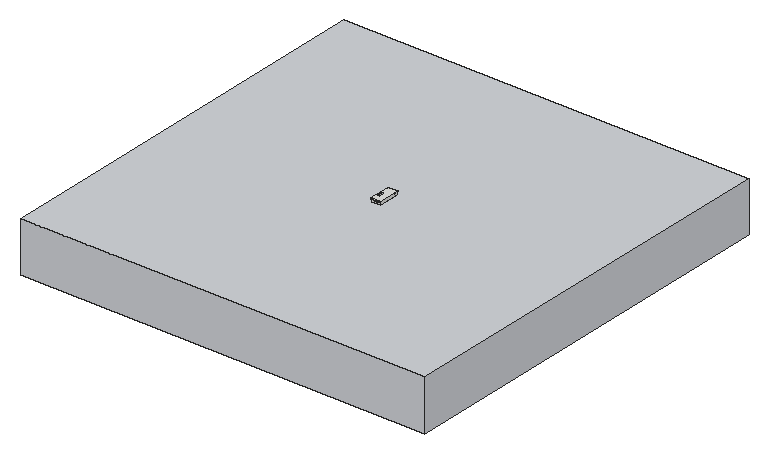
Revit family "GIRA_1239600", category Elektroinstallationen, Revit 2017
Family settings
  Basisbauteil = Fläche
  Beschriftungsausrichtung beibehalten = Ja
  Bemaßung runder Anschluss = Durchmesser verwenden
  Teiletyp = Normal
  Beim Laden mit Abzugskörper schneiden = Nein
  Gemeinsam genutzt = Nein
  Raumberechnungspunkt = Nein
Parameters
  Zusatzgerät anreihbar = no
  Default Elevation = 1219.2 mm
  Verbindung mit Smartphone möglich = no
  URL = "https://www.gira.de/"
  Typname = "Wohnungsstation Video AP Plus System 55 Edelstahl(lack.)"
  Schaltfunktionen = yes
  Rufunterscheidung = yes
  Rufabschaltung = yes
  Mit Türöffnerautomatik = yes
  Mit Touchscreen = no
  Lautstärkeregelung = yes
  Ist Zubehör = no
  Ist System = no
  Internkommunikation = yes
  Hörgerätekompatibel = no
  Hersteller = "Gira"
  HAN = "1239600"
  GTIN = "4010337035992"
  Funktions-Lampen = yes
  Bildsystem = "PAL"
  Beschreibung = "Wohnungsstation Video AP Plus System 55 Edelstahl (lackiert) Merkmale: - Bei Verwendung je einer Spannungsversorgung für Türkommunikation können bis zu 28 Wohnungsstationen Video AP parallel genutzt werden. - Die Wohnungsstation Video AP Plus erkennt automatisch, ob eine Spannungsversorgung für Türkommunikation angeschlossen ist. Eine Brücke zwischen ZV und BUS ist nicht notwendig. - Farbdisplay mit LED-Hintergrundbeleuchtung. - OSD Funktion, d. h. Texteinblendung im Display zur Statusanzeige und Menüführung. - Kapazitive Bedientasten mit integrierten Leuchtdioden zur Zustandsanzeige: Die Tasten werden durch leichte Berührung bedient. - Zuschaltbare Türöffnerautomatik: bei eingeschalteter Funktion wird der Türöffner nach Betätigung der Türstationsruftaste automatisch angesteuert. - Automatische Rufannahme: direktes Hineinsprechen oder -hören in einen Raum nach Internruf. - Gebührenfreier hausinterner Sprechverkehr mit bis zu zehn weiteren Wohnungsstationen. Die Bedientasten der Wohnungsstation Video AP Plus steuern die folgenden Funktionen:: - Manuelles Ein- und Ausschalten des TFT-Farbdisplays. - Kameraumschaltung - gezielte Anwahl der angeschlossenen Farbkameras. Im Display erfolgt die Textanzeige, welche Kamera aktuell angesteuert wird. - Schalten von Licht und anderen Funktionen in Verbindung mit dem Schaltaktor oder dem Unterputz-Schaltaktor. - Ansteuerung des Türöffners. - Rufton ein- und ausschalten. - Rufannahme. - Aktivierung der Durchsetzfunktion. - Einstellung von Rufton- und Sprechlautstärke. Funktionen im Endkundenmenü: - Internruf, Schalthandlung, Ruftonmelodie, Helligkeit, Farbsättigung, Kontrast, Einschaltzeit des Displays, Sprache (21 Sprachen wählbar), Tastentöne, Türöffnerautomatik (nach Installateurfreigabe), automatische Rufannahme (nach Installateurfreigabe). Zusätzliche Funktionen im Installateurmenü:: - Einstellung Haupt- Nebendisplay, Frequenzeinstellung, Terminierung der Leitung, Versionsanzeige, Werkseinstellung, Display ein- bzw. ausschalten, LED-Beleuchtung ein- bzw. ausschalten, Ruftastenzuordnung, Internruf zuordnen, Freigaben für Türöffnerautomatik und automatische Rufannahme. - Karten-Slot für SD-Speicherkarte. - SD-Speicherkarte. Neue zusätzliche Funktionen im Endkundenmenü:: - Interner Bildspeicher (nach Installateurfreigabe) für bis zu 48 Bilder. Manueller Übertrag interner zu externner Bildspeicher (SD-Speicherkarte). Bildspeicher manuell löschen. Manuellen Schnappschuss auslösen. Schalthandlungen und Internrufe umbenennen. Datum Uhrzeit ändern. Neue zusätzliche Funktionen im Installateurmenü:: - Freigabe des internen Bildspeichers. Einstellen des Bildintervals und der Aufnahmegeschwindigkeit. Datum Uhrzeit einstellen. Eigenschaften der SD-Speicherkarte:: - Verzeichnis für zehn Klingeltöne, davon fünf frei konfigurierbar im WAVE-Format. Ordner für externen Bildspeicher (max. 200 Bilder).  Hinweise : - Montage ohne Abdeckrahmen oder mit Abdeckrahmen 2fach ohne Mittelsteg aus den Schalterprogrammen System 55, Flächenschalter oder Gira E22 möglich."
  Bedienung Türöffner = yes
  BIM = "https://media.stage.bim.site/t/eyJhbGciOiJIUzI1NiIsInR5cCI6IkpXVCJ9.eyJjdCI6MSwidGYiOiJwdWJsaWMvZ2lyYS9iNjQ4NDNkLzEyMzkgNjAwLnJmYSIsImNpZCI6IjMyNzdjYzIzLTgxYTktNGVlMy1hOTBhLWI0N2JiNGMwYjYxNiIsInJpZCI6IjZhZDE1MTZkMWVlNzcyMjllYjQyYzUyNWY1ZTRkZTFkIiwicGlkIjoiZmU3NDVhYTkyMzFlNjM4MmY1ZWI4NDIyZmY1OGQ4M2UzYTBmNjRhNiIsInNpZCI6IjYzNDcwIiwidXQiOjUsImlhdCI6MTU2NTE4ODAyMSwiaXNzIjoiaHR0cHM6Ly9hcGkubGl2ZS5iaW0uc2l0ZSIsInN1YiI6ImFkbWluQGJpbXNpdGUuZGV2In0.lr1G6JYWl6DblR6_qeTLi2lyx50yPoHTm1Rlg3dOE9I/1239 600.rfa"
  Abhörsicher = yes
Reference planes
  plane 1 "Center (Front/Back)": y = 0
  plane 2: z = 0
  plane 3 "Center (Left/Right)": x = 0
  plane 4: y = -57.002
  plane 5: z = 11.3
Forms (mm)
  Extrusion 1, solid
    sketch origin (0, 0, 0) x (1, 0, 0) y (0, 1, 0)
      loop
        line (-1219.2, 1219.2) -> (-1219.2, -1219.2) -> (1219.2, -1219.2) -> (1219.2, 1219.2) -> (-1219.2, 1219.2)
    from 0 to -304.8
  Extrusion 2, solid, material "Stainless steel", detail levels fine
    sketch origin (0, 0, 0) x (1, 0, 0) y (0, 1, 0)
      loop
        line (-27.5, 62.907) -> (-27.5, -62.761) -> (27.5, -63.002) -> (27.5, 62.907) -> (-27.5, 62.907)
    from 2.8 to 19.6
  Extrusion 3, solid, material "Stainless steel", detail levels fine
    sketch origin (0, 0, 0) x (1, 0, 0) y (0, 1, 0)
      loop
        line (23.736, -57.486) -> (23.736, 57.355) -> (-23.736, 57.355) -> (-23.736, -57.486) -> (23.736, -57.486)
    from 0 to 2.8
  Extrusion 4, solid, material "Stainless steel", detail levels fine
    sketch origin (0, 0, -0.9) x (1, 0, 0) y (0, 1, 0)
      loop
        arc (-26.5, 65) -> (-27.207, 64.707) -> (-27.5, 64) r 1
        line (-27.5, 64) -> (-27.5, -64)
        arc (-27.5, -64) -> (-27.207, -64.707) -> (-26.5, -65) r 1
        line (-26.5, -65) -> (26.5, -65)
        arc (26.5, -65) -> (27.207, -64.707) -> (27.5, -64) r 1
        line (27.5, -64) -> (27.5, 64)
        arc (27.5, 64) -> (27.207, 64.707) -> (26.5, 65) r 1
        line (26.5, 65) -> (-26.5, 65)
    from 20.5 to 21.5
  Extrusion 5, solid, material "Stainless steel", detail levels medium+fine
    sketch origin (0, 0, 0) x (1, 0, 0) y (0, 1, 0)
      loop
        line (-23.605, -18.6) -> (-13.2, -18.6) -> (-13.2, -8.594) -> (-13.2, 3.4) -> (-23.605, 3.4) -> (-23.605, -18.6)
    from 20.6 to 22.5
  Extrusion 6, void, detail levels fine
    sketch origin (0, 0, 0) x (1, 0, 0) y (0, 1, 0)
      loop
        arc (-11.109, -10.234) -> (15.105, -0.084) -> (-10.995, 10.357) r 15.105
        line (-10.995, 10.357) -> (-11.109, -10.234)
      loop
        arc (-3.34, -27.996) -> (-8.964, -28.895) -> (-3.943, -31.585) r 3.005
        arc (-3.943, -31.585) -> (0.438, -31.827) -> (4.808, -31.44) r 31.83
        arc (4.808, -31.44) -> (6.319, -29.382) -> (4.262, -27.871) r 1.805
        arc (4.262, -27.871) -> (0.465, -28.191) -> (-3.34, -27.996) r 28.195
      loop
        spline (6.871, -48.874) -> (6.579, -48.896) -> (6.293, -48.96) -> (6.02, -49.065) -> (5.765, -49.208) -> (5.534, -49.388) -> (5.331, -49.599) -> (5.162, -49.838) -> (5.029, -50.099) -> (4.936, -50.377) -> (4.885, -50.666) -> (4.876, -50.959) -> (4.91, -51.25)
        spline (4.91, -51.25) -> (4.876, -51.541) -> (4.885, -51.834) -> (4.936, -52.123) -> (5.029, -52.401) -> (5.162, -52.662) -> (5.331, -52.901) -> (5.534, -53.112) -> (5.765, -53.292) -> (6.02, -53.435) -> (6.293, -53.54) -> (6.579, -53.604) -> (6.871, -53.626)
        line (6.871, -53.626) -> (13.129, -53.626)
        spline (13.129, -53.626) -> (13.421, -53.604) -> (13.707, -53.54) -> (13.98, -53.435) -> (14.235, -53.292) -> (14.466, -53.112) -> (14.669, -52.901) -> (14.838, -52.662) -> (14.971, -52.401) -> (15.064, -52.123) -> (15.115, -51.834) -> (15.124, -51.541) -> (15.09, -51.25)
        spline (15.09, -51.25) -> (15.124, -50.959) -> (15.115, -50.666) -> (15.064, -50.377) -> (14.971, -50.099) -> (14.838, -49.838) -> (14.669, -49.599) -> (14.466, -49.388) -> (14.235, -49.208) -> (13.98, -49.065) -> (13.707, -48.96) -> (13.421, -48.896) -> (13.129, -48.874)
        line (13.129, -48.874) -> (6.871, -48.874)
      loop
        arc (3.34, 27.996) -> (8.966, 28.911) -> (3.92, 31.563) r 3.005
        arc (3.92, 31.563) -> (-0.448, 31.802) -> (-4.808, 31.44) r 31.805
        arc (-4.808, 31.44) -> (-6.319, 29.382) -> (-4.262, 27.871) r 1.805
        arc (-4.262, 27.871) -> (-0.465, 28.191) -> (3.34, 27.996) r 28.195
      loop
        line (-20.626, 52.129) -> (-20.626, 45.871)
        spline (-20.626, 45.871) -> (-20.604, 45.579) -> (-20.54, 45.293) -> (-20.435, 45.02) -> (-20.292, 44.765) -> (-20.112, 44.533) -> (-19.901, 44.331) -> (-19.662, 44.162) -> (-19.401, 44.029) -> (-19.123, 43.936) -> (-18.834, 43.885) -> (-18.541, 43.876) -> (-18.25, 43.91)
        spline (-18.25, 43.91) -> (-17.959, 43.876) -> (-17.666, 43.885) -> (-17.377, 43.936) -> (-17.099, 44.029) -> (-16.838, 44.162) -> (-16.599, 44.331) -> (-16.388, 44.533) -> (-16.208, 44.765) -> (-16.065, 45.02) -> (-15.96, 45.293) -> (-15.896, 45.579) -> (-15.874, 45.871)
        line (-15.874, 45.871) -> (-15.874, 52.129)
        spline (-15.874, 52.129) -> (-15.896, 52.421) -> (-15.96, 52.707) -> (-16.065, 52.98) -> (-16.208, 53.235) -> (-16.388, 53.466) -> (-16.599, 53.669) -> (-16.838, 53.838) -> (-17.099, 53.971) -> (-17.377, 54.064) -> (-17.666, 54.115) -> (-17.959, 54.124) -> (-18.25, 54.09)
        spline (-18.25, 54.09) -> (-18.541, 54.124) -> (-18.834, 54.115) -> (-19.123, 54.064) -> (-19.401, 53.971) -> (-19.662, 53.838) -> (-19.901, 53.669) -> (-20.112, 53.466) -> (-20.292, 53.235) -> (-20.435, 52.98) -> (-20.54, 52.707) -> (-20.604, 52.421) -> (-20.626, 52.129)
    from 0 to 2
  Extrusion 7, void, detail levels fine
    sketch origin (-1.799, 0, 0) x (1, 0, 0) y (0, 0, 1)
      loop
        line (0, 17.165) -> (0, 15.22) -> (3.598, 15.22) -> (3.598, 17.165) -> (0, 17.165)
      loop
        line (-4.701, 11.286) -> (-4.701, 8.933) -> (8.855, 8.933) -> (8.855, 11.286) -> (-4.701, 11.286)
    from 58.901 to 65
  Extrusion 8, void, detail levels fine
    sketch origin (0, 0, 0) x (0, 1, 0) y (0, 0, 1)
      loop
        line (-57.002, 12.854) -> (-57.002, 9.854) -> (-38.002, 9.854) -> (-38.002, 12.854) -> (-57.002, 12.854)
    from -27.55 to 27.5
  Extrusion 9, solid, material "Stainless steel", detail levels medium
    sketch origin (0, 0, 0) x (1, 0, 0) y (0, 1, 0)
      loop
        line (27.5, 65) -> (-27.5, 65) -> (-27.5, -65) -> (27.5, -65) -> (27.5, 65)
    from 19.6 to 20.6
  Extrusion 10, solid, material "Stainless steel", detail levels medium
    sketch origin (0, 0, 0) x (1, 0, 0) y (0, 1, 0)
      loop
        line (-27.5, 62.907) -> (-27.5, -62.761) -> (27.5, -63.002) -> (27.5, 62.907) -> (-27.5, 62.907)
    from 2.8 to 19.6
  Extrusion 11, solid, material "Stainless steel", detail levels medium
    sketch origin (0, 0, 0) x (1, 0, 0) y (0, 1, 0)
      loop
        line (23.736, -57.486) -> (23.736, 57.355) -> (-23.736, 57.355) -> (-23.736, -57.486) -> (23.736, -57.486)
    from 0 to 2.8
  Extrusion 12, solid, material "Stainless steel", detail levels coarse
    sketch origin (0, 0, 0) x (1, 0, 0) y (0, 1, 0)
      loop
        line (27.5, 65) -> (-27.5, 65) -> (-27.5, -65) -> (27.5, -65) -> (27.5, 65)
    from 0 to 22.5
Cuts and joins
  Extrusion 6, Extrusion 7, Extrusion 8 cuts Extrusion 2
  Extrusion 6 cuts Extrusion 3
  Extrusion 6 cuts Extrusion 4
Dimensions and locks
  aligned and locked: plane 2 to Extrusion 1
  aligned and locked: level to Extrusion 1
  aligned and locked: plane 1 "Center (Front/Back)" to nested 1
Nested families
  nested 1: "symbol" at (0, 0, 0), type "symbol"
Definition of nested family "symbol"
  Reference planes
    plane 1: y = 0
    plane 2: x = 0
  Lines and regions (mm)
    Filled region 1, type "Gefüllter Bereich 1"
      outline origin (0, 0, 0) x (1, 0, 0) y (0, 1, 0)
        loop
          circle (-0.6, 2.4) r 0.4
    Filled region 2, type "Gefüllter Bereich 1"
      outline origin (0, 0, 0) x (1, 0, 0) y (0, 1, 0)
        loop
          circle (0.6, 2.4) r 0.4
    detail lines
      curve 1: line (0, 0, 0) -> (0, 2, 0)
      curve 2: line (0, 2, 0) -> (1.6, 2, 0)
      curve 3: line (1.6, 2, 0) -> (1.6, 3.6, 0)
      curve 4: circle (0.6, 2.4, 0) r 0.4 normal (0, 0, 1)
      curve 5: line (0, 2, 0) -> (-1.6, 2, 0)
      curve 6: line (-1.6, 2, 0) -> (-1.6, 3.6, 0)
      curve 7: circle (-0.6, 2.4, 0) r 0.4 normal (0, 0, -1)
